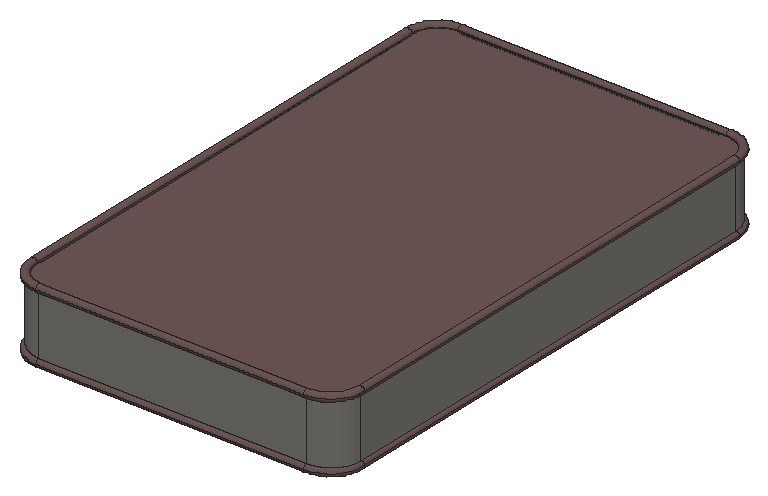
Revit family "Seating-Sofa-Teknion-STTT_Spectrum_Tablet-R2011", category Furniture, Revit 2013
Parameters (values of type "Tablet")
  Width = 2' - 6 1/4"  # constant formula
  Welt Upholstery Finish [instance] = Fabric - Teknion - F217 - Full Wool
  Warranty = "http://www.teknionstudio.com/pdfs/Teknion%20Studio%20Warranty.pdf"
  Upholstery Finish of Top and Bottom [instance] = Fabric - Teknion - F217 - Full Wool
  Upholstery Finish of Sides [instance] = Fabric - Teknion - F210 - Full Wool
  Unit Weight = 5.00 lbf
  URL = "http://www.teknionstudio.com/"
  Series = "Teknion Studio"
  Salvage or Reuse = yes
  Product Page URL = "http://www.teknionstudio.com/spectrum/#.UkRdxD8QP-o"
  Product Line = "Spectrum"
  Product Documentation Link = "http://www.teknionstudio.com/pricing/STTT_ppg.pdf"
  Percentage of Recycled Content = 0
  Part Number = "STTT"
  Model = "STTT1"
  Manufacturer Phone = "919-464-2920"
  Manufacturer Fax = "919-464-2927"
  Manufacturer Email = "mailto:customersupport@teknionstudio.com"
  Manufacturer Address = "3940 US 70 Business HWY West, Clayton, NC 27520"
  Manufacturer = "Teknion Studio"  # constant formula
  Low Emitting Material = yes
  Low Emitting Finish = yes
  Height = 2' - 4 13/64"  # constant formula
  Description = "Spectrum Tablet"
  Depth = 2' - 9"  # constant formula
  Assembly Code = "E2020200"
Reference planes (in)
  plane 1 "Center F/B": y = 0
  plane 2: z = 0
  plane 3 "Center L/R": x = 0
  plane 4 "Back": y = 16.5
  plane 5 "Front": y = -16.5
  plane 6 "Seat Left": x = -5.625
  plane 7 "Seat Right": x = 5.625
  plane 8 "Tablet Top - Masking Region Plane": z = 18.45539
  plane 9 "Bottom of Tablet": z = 16.0804
  plane 10: z = 18.58039
Forms (in)
  Sweep 1, solid, material "Fabric - Teknion - F210 - Full Wool" <- "Upholstery Finish of Sides"
    path origin (0, 0, -16.0804) x (0, 1, 0) y (0, 0, 1)
      loop
        line (0, 32.1608) -> (0, 34.53579)
    profile origin (0, 0, 17.26789) x (0, -1, 0) y (1, 0, 0)
      loop
        arc (-5.04082, 5.5) -> (-5.74792, 5.20711) -> (-6.04082, 4.5) r 1
        line (-6.04082, 4.5) -> (-6.04082, -4.5)
        arc (-6.04082, -4.5) -> (-5.74792, -5.20711) -> (-5.04082, -5.5) r 1
        line (-5.04082, -5.5) -> (10.70918, -5.5)
        arc (10.70918, -5.5) -> (11.41629, -5.20711) -> (11.70918, -4.5) r 1
        line (11.70918, -4.5) -> (11.70918, 4.5)
        arc (11.70918, 4.5) -> (11.41629, 5.20711) -> (10.70918, 5.5) r 1
        line (10.70918, 5.5) -> (-5.04082, 5.5)
  Sweep 2, solid, material "Fabric - Teknion - F217 - Full Wool" <- "Welt Upholstery Finish"
    path origin (0, 0, 0) x (1, 0, 0) y (0, 1, 0)
      loop
        line (4.5, 6.04082) -> (-4.5, 6.04082)
        arc (-4.5, 6.04082) -> (-5.20711, 5.74792) -> (-5.5, 5.04082) r 1
        line (-5.5, 5.04082) -> (-5.5, -10.70918)
        arc (-5.5, -10.70918) -> (-5.20711, -11.41629) -> (-4.5, -11.70918) r 1
        line (-4.5, -11.70918) -> (4.5, -11.70918)
        arc (4.5, -11.70918) -> (5.20711, -11.41629) -> (5.5, -10.70918) r 1
        line (5.5, -10.70918) -> (5.5, 5.04082)
        arc (5.5, 5.04082) -> (5.20711, 5.74792) -> (4.5, 6.04082) r 1
    profile origin (0, 6.04082, 0) x (0, -1, 0) y (0, 0, 1)
      loop
        circle (0, 18.45539) r 0.125
      loop
        circle (0, 16.2054) r 0.125
Lines and regions (in)
  Masking region 1
    outline origin (0, 0, 18.45539) x (-1, 0, 0) y (0, -1, 0)
      loop
        arc (4.5, -6.16582) -> (5.2955, -5.83631) -> (5.625, -5.04082) r 1.125
        line (5.625, -5.04082) -> (5.625, 10.70918)
        arc (5.625, 10.70918) -> (5.2955, 11.50468) -> (4.5, 11.83418) r 1.125
        line (4.5, 11.83418) -> (-4.5, 11.83418)
        arc (-4.5, 11.83418) -> (-5.2955, 11.50468) -> (-5.625, 10.70918) r 1.125
        line (-5.625, 10.70918) -> (-5.625, -5.04082)
        arc (-5.625, -5.04082) -> (-5.2955, -5.83631) -> (-4.5, -6.16582) r 1.125
        line (-4.5, -6.16582) -> (4.5, -6.16582)
  symbolic lines, detail levels medium+fine
    curve 1: line (4.5, 5.91582, 18.45539) -> (-4.5, 5.91582, 18.45539)
    curve 2: arc (-4.5, 5.91582, 18.45539) -> (-5.11872, 5.65954, 18.45539) -> (-5.375, 5.04082, 18.45539) r 0.875
    curve 3: line (-5.375, 5.04082, 18.45539) -> (-5.375, -10.70918, 18.45539)
    curve 4: arc (-5.375, -10.70918, 18.45539) -> (-5.11872, -11.3279, 18.45539) -> (-4.5, -11.58418, 18.45539) r 0.875
    curve 5: line (-4.5, -11.58418, 18.45539) -> (4.5, -11.58418, 18.45539)
    curve 6: arc (4.5, -11.58418, 18.45539) -> (5.11872, -11.3279, 18.45539) -> (5.375, -10.70918, 18.45539) r 0.875
    curve 7: line (5.375, -10.70918, 18.45539) -> (5.375, 5.04082, 18.45539)
    curve 8: arc (5.375, 5.04082, 18.45539) -> (5.11872, 5.65954, 18.45539) -> (4.5, 5.91582, 18.45539) r 0.875
Dimensions and locks (in)
  equal spacing: plane 4 "Back", plane 1 "Center F/B", plane 5 "Front"
  "Depth": plane 4 "Back" to plane 5 "Front"
  equal spacing: plane 6 "Seat Left", plane 3 "Center L/R", plane 7 "Seat Right"
  Sweep 1 sketch curve to plane 3 "Center L/R" to Sweep 1 sketch curve = 0' - 5 1/2" locked, 0' - 5 1/2" locked
  Sweep 1 sketch curve to plane 1 "Center F/B" to Sweep 1 sketch curve = 0' - 11.70918" locked, 0' - 6.04082" locked
  Sweep 2 sketch curve to plane 3 "Center L/R" to Sweep 2 sketch curve = 0' - 5 1/2" locked, 0' - 5 1/2" locked
  Sweep 2 sketch curve to plane 1 "Center F/B" to Sweep 2 sketch curve = 0' - 11.70918" locked, 0' - 6.04082" locked
  Masking region 1 sketch curve to plane 1 "Center F/B" to Masking region 1 sketch curve = 0' - 11.83418" locked, 0' - 6.16582" locked
  locked: plane 6 "Seat Left" to curve 3 at 0.25
  locked: curve 7 to plane 7 "Seat Right" at 0.25
  curve 5 to plane 1 "Center F/B" to curve 1 = 0' - 11.58418" locked, 0' - 5.91582" locked
  locked: plane 9 "Bottom of Tablet" to plane 2 at 16.0804
  locked: Sweep 1 sketch curve to plane 9 "Bottom of Tablet" at 2.37499
  locked: Sweep 2 sketch curve to plane 1 "Center F/B" at 6.04082  (x2)
  Sweep 2 sketch curve to Sweep 2 sketch curve to plane 9 "Bottom of Tablet" = 0' - 2 1/4" locked, 0' - 0 1/8" locked
  aligned and locked: level to plane 2
  aligned and locked: Masking region 1 sketch curve to plane 6 "Seat Left"
  aligned and locked: plane 7 "Seat Right" to Masking region 1 sketch curve
  aligned and locked: plane 9 "Bottom of Tablet" to Sweep 1 sketch curve
Automatic sketch dimensions
  Sweep 2 sketch curve to Sweep 2 sketch curve = 0' - 1"  (x3)
  plane 3 "Center L/R" to Sweep 2 sketch curve = 0' - 4 1/2"
  Sweep 1 sketch curve to plane 1 "Center F/B" = 0' - 0"
  Sweep 1 sketch curve to Sweep 1 sketch curve = 0' - 1"  (x4)
  plane 6 "Seat Left" to curve 1 = 0' - 1 1/8"
  curve 4 to curve 5 = 0' - 0 7/8"
  curve 7 to curve 5 = 0' - 0 7/8"
  curve 7 to curve 8 = 0' - 0 7/8"
  Masking region 1 sketch curve to plane 7 "Seat Right" = 0' - 1 1/8"  (x2)
  plane 6 "Seat Left" to Masking region 1 sketch curve = 0' - 1 1/8"  (x2)
  radius of Sweep 2 sketch curve = 0' - 0 1/8"  (x2)
